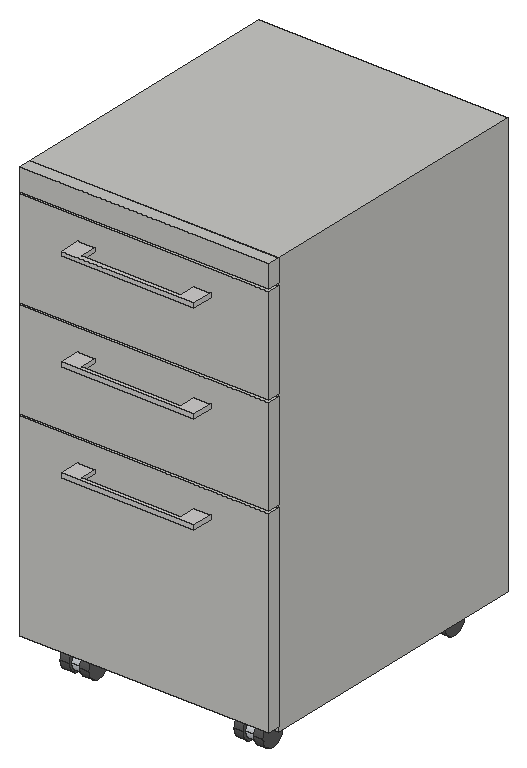
Revit family
Parameters (values of type "Box/Box/File")
  Warranty = "www.haworth.com/en-us/Products/Pages/Certifications.aspx"
  URL - Product = "www.haworth.com/en-us/Products/Furniture/Desks-Files-Storage/Files/Pages/X-Series-Storage.aspx"
  URL = "www.haworth.com"
  Tug = no
  Total Drawer Height = Actual Height - 1 3/4" - 1 1/2" - 1/8"  # 24 1/8"
  Taper Pull = no
  Sustainability Info = "www.haworth.com/en-us/About-Us/Sustainability/Pages/Vision.aspx"
  Size = "Verify Final Dim. w/ Haworth"  # constant formula
  Revision Number = "3"  # constant formula
  Radius Pull = no
  Pull Finish = Haworth - Metal - Satin Nickel
  Plynth Base = no
  Pencil Pencil Box File = no
  Pencil Box File = no
  Model = "Haworth_XSeries-Mobile_Pedestal"  # constant formula
  Min. Height = 21 1/2"  # constant formula
  Min. Depth = 17"  # constant formula
  Max. Depth = 29"  # constant formula
  Max. Height = 27 3/4"  # constant formula
  Manufacturer = "Haworth"  # constant formula
  Linear Pull = yes
  LEED Data = "www.haworth.com/_layouts/Haworth.ProductCatalog/Handlers/GetAsset.ashx/X-SeriesLEEDContribution.pdf?cid=208&rid=2297&type=Leed"
  J Pull = no
  Integral Pull = no
  File File = no
  Ellipse Pull = not(or(Taper Pull, Radius Pull, Linear Pull, Crescent Pull, Classic Pull, J Pull, Integral Pull))  # no
  Drawer Finish = Haworth - Paint - Metallic Champagne
  Drawer 4 Height = 2 7/8"  # constant formula
  Drawer 3 Offset = if(Pencil Pencil Box File, 3 1/8", 1/8")  # 1/8"
  Drawer 3 Height = if(Box Box File, 5 7/8", 2 7/8")  # 5 7/8"
  Drawer 2 Height = if(File File, Drawer 1 Height, 5 7/8")  # 5 7/8"
  Drawer 1 Height = 11 7/8"  # constant formula
  Description = "Haworth_XSeries-Mobile_Pedestal"
  Depth = 18"
  Custom Size = not(or(Depth = 17", Depth = 23", Depth = 29"))  # yes
  Cushion Finish = Haworth - Fabric - Tellure - Sky 3A-32
  Cushion = no
  Crescent Pull = no
  Classic Pull = no
  Casters = not(Plynth Base)  # yes
  Cabinet Finish = Haworth - Paint - Metallic Champagne
  Box File = not(or(Pencil Box File, Box Box File, Pencil Pencil Box File, File File))  # no
  Box Box File = yes
  Author = "SHAPE Environments, LLC"  # constant formula
  Assembly Code = "E2020200"
  Actual Width = 15"  # constant formula
  Actual Height = if(Box File, 21 1/2", if(Pencil Box File, 24 1/2", 27 1/2"))  # 27 1/2"
  Actual Depth = if(Depth < Min. Depth, Min. Depth, if(Depth > Max. Depth, Max. Depth, Depth))  # 18"
  4 Drawers = Pencil Pencil Box File  # no
  3 Drawers = or(Pencil Box File, Box Box File, Pencil Pencil Box File)  # yes
  2 Drawers = or(Box File, File File, Pencil Box File, Box Box File, Pencil Pencil Box File)  # yes
  Standard Depths = "17, 23, 29 in"  # constant formula
  Standard Heights = if(Box File, "21.5 in.", if(Pencil Box File, "24.5 in.", "27.5 in."))  # "27.5 in."
Types (5): name | Total Drawer Height | Pencil Pencil Box File | Pencil Box File | File File | Drawer 3 Offset | Drawer 3 Height | Drawer 2 Height | Depth | Custom Size | Box File | Box Box File | Actual Height | Actual Depth | 4 Drawers | 3 Drawers | Standard Heights
  Box/File | 18 1/8" | no | no | no | 1/8" | 2 7/8" | 5 7/8" | 18" | yes | yes | no | 21 1/2" | 18" | no | no | "21.5 in."
  Pencil/Box/File | 21 1/8" | no | yes | no | 1/8" | 2 7/8" | 5 7/8" | 18" | yes | no | no | 24 1/2" | 18" | no | yes | "24.5 in."
  Box/Box/File | 24 1/8" | no | no | no | 1/8" | 5 7/8" | 5 7/8" | 18" | yes | no | yes | 27 1/2" | 18" | no | yes | "27.5 in."
  Pencil/Pencil/Box/File | 24 1/8" | yes | no | no | 3 1/8" | 2 7/8" | 5 7/8" | 18" | yes | no | no | 27 1/2" | 18" | yes | yes | "27.5 in."
  File/File | 24 1/8" | no | no | yes | 1/8" | 2 7/8" | 11 7/8" | 17" | no | no | no | 27 1/2" | 17" | no | no | "27.5 in."
Reference planes (in)
  plane 1 "Back": y = 0
  plane 2: z = 0
  plane 3 "Center L/R": x = 0
  plane 4 "Left": x = -7.5
  plane 5 "Right": x = 7.5
  plane 6 "Front": y = -18
  plane 7 "Back of Drawers": y = -17.25
  plane 8 "Base of Cabinet": z = 1.875
  plane 9 "Top": z = 27.5
  plane 10 "Bottom of Keyed": z = 26.125
  plane 11 "Back Caster": y = -1.75
  plane 12 "Left Caster": x = -5.25
  plane 13 "Right Caster": x = 5.25
  plane 14 "Front Caster": y = -15.5
  plane 15 "Center F/B": y = -9
  plane 16: y = -38.00051
  plane 17: through (-0.0519, -38.00051, -82.54467) normal (0, 0.4384, -0.8988)
  plane 18: y = -37.75051
  plane 19 "Tug Location": z = 26.8125
Forms (in)
  Extrusion 1, solid, material "Haworth - Paint - Metallic Champagne" <- "Cabinet Finish"
    sketch origin (0, 0, 0) x (1, 0, 0) y (0, 1, 0)
      loop
        line (-7.5, 0) -> (-7.5, -17.25) -> (7.5, -17.25) -> (7.5, 0) -> (-7.5, 0)
    from 1.875 to 27.5
  Extrusion 2, solid, material "Haworth - Paint - Metallic Champagne" <- "Drawer Finish"
    sketch origin (0, 0, 0) x (1, 0, 0) y (0, 1, 0)
      loop
        line (-7.5, -18) -> (7.5, -18) -> (7.5, -17.25) -> (-7.5, -17.25) -> (-7.5, -18)
    from 26.125 to 27.5
  Extrusion 3, solid, material "Haworth - Paint - Metallic Champagne" <- "Cabinet Finish", visible <- "Plynth Base"
    sketch origin (0, 0, 0) x (1, 0, 0) y (0, 1, 0)
      loop
        line (-7.5, 0) -> (-7.5, -17.25) -> (7.5, -17.25) -> (7.5, 0) -> (-7.5, 0)
    from 0 to 1.875
Lines and regions (in)
  Masking region 1
    outline origin (0, 0, 27.5) x (-1, 0, 0) y (0, -1, 0)
      loop
        line (7.5, 0) -> (7.5, 18) -> (-7.5, 18) -> (-7.5, 0) -> (7.5, 0)
Dimensions and locks (in)
  equal spacing: plane 4 "Left", plane 3 "Center L/R", plane 5 "Right"
  "Actual Width": plane 4 "Left" to plane 5 "Right"
  "Actual Depth": plane 1 "Back" to plane 6 "Front"
  locked: plane 7 "Back of Drawers" to plane 6 "Front" at 0.75
  locked: plane 8 "Base of Cabinet" to level at 1.875
  "Actual Height": plane 9 "Top" to level
  locked: plane 9 "Top" to plane 10 "Bottom of Keyed" at 1.375
  locked: plane 1 "Back" to plane 11 "Back Caster" at 1.75
  locked: plane 4 "Left" to plane 12 "Left Caster" at 2.25
  locked: plane 13 "Right Caster" to plane 5 "Right" at 2.25
  locked: plane 14 "Front Caster" to plane 7 "Back of Drawers" at 1.75
  equal spacing: plane 1 "Back", plane 15 "Center F/B", plane 6 "Front"
  equal spacing: plane 9 "Top", plane 19 "Tug Location", plane 10 "Bottom of Keyed"
  locked: nested 10 to nested 7 at 0.125
  locked: nested 7 to plane 8 "Base of Cabinet" at 0.25
  locked: plane 10 "Bottom of Keyed" to nested 8 at 0.125
  "Drawer 3 Offset": plane 10 "Bottom of Keyed" to nested 9
  aligned and locked: plane 4 "Left" to Extrusion 1 sketch curve
  aligned and locked: plane 1 "Back" to Extrusion 1 sketch curve
  aligned and locked: plane 7 "Back of Drawers" to Extrusion 1 sketch curve
  aligned and locked: plane 5 "Right" to Extrusion 1 sketch curve
  aligned and locked: plane 9 "Top" to Extrusion 1
  aligned and locked: Extrusion 1 to plane 8 "Base of Cabinet"
  aligned and locked: plane 4 "Left" to Extrusion 2 sketch curve
  aligned and locked: Extrusion 2 sketch curve to plane 6 "Front"
  aligned and locked: Extrusion 2 sketch curve to plane 5 "Right"
  aligned and locked: plane 7 "Back of Drawers" to Extrusion 2 sketch curve
  aligned and locked: plane 9 "Top" to Extrusion 2
  aligned and locked: Extrusion 2 to plane 10 "Bottom of Keyed"
  aligned and locked: plane 12 "Left Caster" to nested 1
  aligned and locked: nested 1 to plane 11 "Back Caster"
  aligned and locked: nested 2 to plane 13 "Right Caster"
  aligned and locked: plane 14 "Front Caster" to nested 4
  aligned and locked: plane 12 "Left Caster" to nested 3
  aligned and locked: nested 3 to plane 14 "Front Caster"
  aligned and locked: nested 4 to plane 13 "Right Caster"
  aligned and locked: plane 11 "Back Caster" to nested 2
  aligned: plane 3 "Center L/R" to nested 5
  aligned: nested 5 to plane 15 "Center F/B"
  aligned and locked: plane 3 "Center L/R" to nested 5
  aligned and locked: plane 15 "Center F/B" to nested 5
  aligned and locked: nested 5 to plane 9 "Top"
  aligned and locked: plane 5 "Right" to Extrusion 3 sketch curve
  aligned and locked: plane 7 "Back of Drawers" to Extrusion 3 sketch curve
  aligned and locked: plane 4 "Left" to Extrusion 3 sketch curve
  aligned and locked: plane 1 "Back" to Extrusion 3 sketch curve
  aligned and locked: plane 8 "Base of Cabinet" to Extrusion 3
  aligned and locked: plane 3 "Center L/R" to nested 6
  aligned and locked: nested 6 to plane 6 "Front"
  aligned and locked: plane 19 "Tug Location" to nested 6
  aligned and locked: plane 3 "Center L/R" to nested 7
  aligned: plane 8 "Base of Cabinet" to nested 7
  aligned and locked: nested 7 to plane 7 "Back of Drawers"
  aligned: plane 10 "Bottom of Keyed" to nested 8
  aligned and locked: nested 10 to plane 7 "Back of Drawers"
  aligned and locked: nested 9 to plane 7 "Back of Drawers"
  aligned and locked: nested 8 to plane 7 "Back of Drawers"
  aligned and locked: nested 5 to Masking region 1 sketch curve
  aligned and locked: Masking region 1 sketch curve to Extrusion 1
  aligned and locked: Extrusion 2 to Masking region 1 sketch curve
  aligned and locked: Masking region 1 sketch curve to nested 5
Nested families (in)
  nested 1: "Haworth_Caster" at (-5.25, -1.75, 0), visible <- "Casters", type "Caster"
  nested 2: "Haworth_Caster" at (5.25, -1.75, 0) x (-1, 0, 0) z (0, 0, 1), visible <- "Casters", type "Caster"
  nested 3: "Haworth_Caster" at (-5.25, -15.5, 0), visible <- "Casters", type "Caster"
  nested 4: "Haworth_Caster" at (5.25, -15.5, 0) x (-1, 0, 0) z (0, 0, 1), visible <- "Casters", type "Caster"
  nested 5: "Haworth_Cushion" at (0, -9, -3.5), visible <- "Cushion", type "Haworth_Cushion"
    with Actual Width 15", Actual Depth 18"
  nested 6: "Haworth Tug" at (0, -18, 26.8125), visible <- "Tug", type "Haworth Tug"
  nested 7: "Haworth_Drawer" at (0, -17.25, 2.125), Drawer Height <- "Drawer 1 Height", type "Haworth_Drawer"
    with J Pull Drawer no, Drawer Height 11 7/8", Pull Linear yes, Pull Height 1 7/16", Pull Ellipse no, Drawer Width 15"
  nested 8: "Haworth_Drawer" at (0, -17.25, 23.125), Drawer Height <- "Drawer 4 Height", visible <- "4 Drawers", type "Haworth_Drawer"
    with J Pull Drawer no, Drawer Height 2 7/8", Pull Linear yes, Pull Height 1 7/16", Pull Ellipse no, Drawer Width 15"
  nested 9: "Haworth_Drawer" at (0, -17.25, 20.125), Drawer Height <- "Drawer 3 Height", visible <- "3 Drawers", type "Haworth_Drawer"
    with J Pull Drawer no, Drawer Height 5 7/8", Pull Linear yes, Pull Height 1 7/16", Pull Ellipse no, Drawer Width 15"
  nested 10: "Haworth_Drawer" at (0, -17.25, 14.125), Drawer Height <- "Drawer 2 Height", visible <- "2 Drawers", type "Haworth_Drawer"
    with J Pull Drawer no, Drawer Height 5 7/8", Pull Linear yes, Pull Height 1 7/16", Pull Ellipse no, Drawer Width 15"
Definition of nested family "Haworth_Caster"
  Parameters (values of type "Caster")
    Radius = 23/32"
    Height = 1 7/8"
    Center Radius = Radius - 1/8"  # 19/32"
    Assembly Code = ""
  Reference planes (in)
    plane 1 "Center (Front/Back)": y = 0
    plane 2: z = 0
    plane 3 "Center (Left/Right)": x = 0
  Forms (in)
    Extrusion 1, solid, material "Haworth - Plastic - Black"
      sketch origin (0, 0, -0.02118) x (0, 1, 0) y (0, 0, 1)
        loop
          circle (-0.48695, 0.73993) r 0.71875
      from 0.875 to 0.3125
    Extrusion 2, solid, material "Haworth - Plastic - Black"
      sketch origin (0, 0, -0.02118) x (0, 1, 0) y (0, 0, 1)
        loop
          circle (-0.48695, 0.73993) r 0.71875
      from -0.875 to -0.3125
    Extrusion 3, solid
      sketch origin (0, 0, 0) x (0, 1, 0) y (0, 0, 1)
        loop
          circle (-0.48695, 0.71875) r 0.59375
      from -0.3125 to 0.3125
    Extrusion 4, solid
      sketch origin (0, 0, 0) x (1, 0, 0) y (0, 1, 0)
        loop
          circle (0, 0) r 0.25
      from 0.71875 to 1.875
  Cuts and joins
    joined: Extrusion 3, Extrusion 4
  Dimensions and locks (in)
    plane 3 "Center (Left/Right)" to Extrusion 2 = 5/16"
    Extrusion 1 to plane 3 "Center (Left/Right)" = 7/8"
    "Height": cut or joined group of Extrusion 3, Extrusion 4 to level
    "Radius": Extrusion 1 sketch curve to level
    "Radius": Extrusion 2 sketch curve to level
    "Radius": Extrusion 3 sketch curve to level
    "Radius": cut or joined group of Extrusion 3, Extrusion 4 to level
    "Radius": radius of Extrusion 2 sketch curve
    "Radius": radius of Extrusion 1 sketch curve
    "Center Radius": radius of Extrusion 3 sketch curve
  Automatic sketch dimensions
    plane 1 "Center (Front/Back)" to Extrusion 1 sketch curve = 0.48695"
    plane 1 "Center (Front/Back)" to Extrusion 2 sketch curve = 0.48695"
    plane 1 "Center (Front/Back)" to Extrusion 3 sketch curve = 0.48695"
    plane 1 "Center (Front/Back)" to Extrusion 4 sketch curve = 0"
    Extrusion 4 sketch curve to plane 3 "Center (Left/Right)" = 0"
    radius of Extrusion 4 sketch curve = 1/4"
Definition of nested family "Haworth_Cushion"
  Parameters (values of type "Cushion")
    Warranty = ""
    URL - Product = ""
    URL = "www.haworth.com"
    Cushion Thickness = 3/4"
    Sustainability Info = ""
    Size = "Verify Final Dim. w/ Haworth"  # constant formula
    Revision Number = "1"  # constant formula
    OmniClass Number = "23.40.70.14"  # constant formula
    Mounting Offset [instance] = 31"
    Min/Max Width = "30 or 36 in."  # constant formula
    Min/Max Depth = "18 or 24 in."  # constant formula
    Material Options = ""
    Manufacturer = "Haworth"  # constant formula
    LEED Data = ""
    Storage Top Finish = none
    Author = "SHAPE Environments, LLC"  # constant formula
    Assembly Code = "E2020200"
    Actual Width = 14 3/4"
    Actual Depth = 21 3/4"
  Reference planes (in)
    plane 1 "Storage Top Center F/B": y = 0
    plane 2: z = 0
    plane 3 "Storage Top Center L/R": x = 0
    plane 4 "Left": x = -7.375
    plane 5 "Back": y = 10.875
    plane 6 "Front": y = -10.875
    plane 7 "Right": x = 7.375
    plane 8 "Top": z = 31.75
    plane 9 "Bottom": z = 31
  Forms (in)
    Extrusion 1, solid, material <- "Storage Top Finish"
      sketch origin (-36.03948, -180, 31) x (-1, 0, 0) y (0, -1, 0)
        loop
          arc (-29.16448, -190.875) -> (-28.81093, -190.72855) -> (-28.66448, -190.375) r 0.5
          line (-28.66448, -190.375) -> (-28.66448, -169.625)
          arc (-28.66448, -169.625) -> (-28.81093, -169.27145) -> (-29.16448, -169.125) r 0.5
          line (-29.16448, -169.125) -> (-42.91448, -169.125)
          arc (-42.91448, -169.125) -> (-43.26804, -169.27145) -> (-43.41448, -169.625) r 0.5
          line (-43.41448, -169.625) -> (-43.41448, -190.375)
          arc (-43.41448, -190.375) -> (-43.26804, -190.72855) -> (-42.91448, -190.875) r 0.5
          line (-42.91448, -190.875) -> (-29.16448, -190.875)
      from 0 to 0.75
  Dimensions and locks (in)
    equal spacing: plane 5 "Back", plane 1 "Storage Top Center F/B", plane 6 "Front"
    "Actual Depth": plane 5 "Back" to plane 6 "Front"
    equal spacing: plane 4 "Left", plane 3 "Storage Top Center L/R", plane 7 "Right"
    "Actual Width": plane 4 "Left" to plane 7 "Right"
    "Mounting Offset": plane 9 "Bottom" to level
    "Cushion Thickness": plane 8 "Top" to plane 9 "Bottom"
    aligned and locked: plane 5 "Back" to Extrusion 1 sketch curve
    aligned and locked: plane 7 "Right" to Extrusion 1 sketch curve
    aligned and locked: plane 6 "Front" to Extrusion 1 sketch curve
    aligned and locked: plane 4 "Left" to Extrusion 1 sketch curve
    aligned and locked: plane 8 "Top" to Extrusion 1
    aligned and locked: Extrusion 1 to plane 5 "Back"
    aligned and locked: Extrusion 1 to plane 9 "Bottom"
  Automatic sketch dimensions
    plane 7 "Right" to Extrusion 1 sketch curve = 1/2"  (x2)
    plane 4 "Left" to Extrusion 1 sketch curve = 1/2"  (x2)
Definition of nested family "Haworth Tug"
  Parameters (values of type "Haworth Tug")
    Tug Material = none
  Reference planes (in)
    plane 1 "Center (Front/Back)": y = 0
    plane 2: z = 0
    plane 3 "Center (Left/Right)": x = 0
  Forms (in)
    Sweep 1, solid, material <- "Tug Material"
      path in 3D
        loop
          line (4, 0, 0) -> (4, -0.625, 0) -> (4, -1.75, 1.13089) -> (-4, -1.75, 1.13089) -> (-4, -0.625, 0) -> (-4, 0, 0)
      profile origin (-4, -0.3125, 0) x (-1, 0, 0) y (0, 0, 1)
        loop
          circle (0, 0) r 0.1875
  Lines and regions (in)
    sketch lines
      curve 1: line (-4, -0.625, 0) -> (-4, 0, 0)
      curve 2: line (-4, -1.75, 1.13089) -> (-4, -0.625, 0)
      curve 3: line (-4, -1.75, 1.13089) -> (4, -1.75, 1.13089)
      curve 4: line (4, -0.625, 0) -> (4, -1.75, 1.13089)
      curve 5: line (4, 0, 0) -> (4, -0.625, 0)
Definition of nested family "Haworth_Drawer"
  Parameters (values of type "Haworth_Drawer")
    Pull Taper = no
    Pull Radius = no
    Pull Patterns = no
    Pull Linear = no
    Pull Height = if(Pull Ellipse, 11/64", if(Pull Radius, 1 3/16", if(Pull Taper, 3/4", 1 7/16")))  # 11/64"
    Pull Finish = none
    Pull Ellipse = yes
    Pull Crescent = no
    Pull Classic = no
    J Pull Drawer [instance] = J Pull  # no
    J Pull = no
    Integral Pull Location = if(Integral Pull, 3 5/8", 1")  # 1"
    Integral Pull = no
    Front Finish = none
    Drawer Width = 14 7/8"
    Flush Drawer = not(J Pull)  # yes
    Drawer Height [instance] = 12"
    Drawer Finish = none
    Assembly Code = ""
  Reference planes (in)
    plane 1 "Drawer Back": y = 0
    plane 2: z = 0
    plane 3 "Center L/R": x = 0
    plane 4 "Drawer Front": y = -0.75
    plane 5 "Left": x = -7.4375
    plane 6 "Right": x = 7.4375
    plane 7 "Top": z = 12
    plane 8: y = -4
    plane 9: y = -3
    plane 10 "Integral Top": z = 11.54688
    plane 11 "Pull Location": z = 11.82813
    plane 12 "Integral Bottom": z = 12.10937
  Forms (in)
    Extrusion 1, solid, material <- "Drawer Finish", visible <- "J Pull Drawer"
      sketch origin (-7.4375, 0, 0) x (0, 1, 0) y (0, 0, 1)
        loop
          line (0, 12) -> (-0.25, 12) -> (-0.25, 11.4375) -> (-0.75, 11.4375) -> (-0.75, 0) -> (0, 0) -> (0, 12)
      from 0 to 14.875
    Extrusion 2, solid, material <- "Drawer Finish", visible <- "Flush Drawer"
      sketch origin (-7.4375, 0, 2.25) x (0, 1, 0) y (0, 0, 1)
        loop
          line (0, 9.75) -> (-0.75, 9.75) -> (-0.75, -2.25) -> (0, -2.25) -> (0, 9.75)
      from 0 to 14.875
    Extrusion 3, void
      sketch origin (0, -0.75, 0) x (-1, 0, 0) y (0, 0, 1)
        loop
          line (4, 11.54688) -> (4, 12.10937) -> (-4, 12.10937) -> (-4, 11.54688) -> (4, 11.54688)
      from -3.25 to -2.25
  Cuts and joins
    Extrusion 3 cuts Extrusion 1
    Extrusion 3 cuts Extrusion 2
  Dimensions and locks (in)
    equal spacing: plane 5 "Left", plane 3 "Center L/R", plane 6 "Right"
    "Drawer Width": plane 5 "Left" to plane 6 "Right"
    locked: plane 1 "Drawer Back" to plane 4 "Drawer Front" at 0.75
    "Drawer Height": plane 7 "Top" to level
    locked: plane 8 to plane 1 "Drawer Back" at 4
    "Integral Pull Location": plane 8 to plane 9
    equal spacing: Extrusion 3 sketch curve, plane 3 "Center L/R", Extrusion 3 sketch curve
    locked: Extrusion 3 sketch curve to Extrusion 3 sketch curve at 8
    "Pull Height": plane 7 "Top" to plane 11 "Pull Location"
    equal spacing: plane 12 "Integral Bottom", plane 11 "Pull Location", plane 10 "Integral Top"
    locked: plane 12 "Integral Bottom" to plane 10 "Integral Top" at 0.5625
    aligned and locked: Extrusion 1 sketch curve to plane 1 "Drawer Back"
    aligned and locked: Extrusion 1 sketch curve to plane 2
    aligned and locked: Extrusion 1 sketch curve to plane 4 "Drawer Front"
    aligned and locked: Extrusion 1 to plane 6 "Right"
    aligned and locked: Extrusion 2 to plane 6 "Right"
    aligned and locked: plane 1 "Drawer Back" to Extrusion 2 sketch curve
    aligned and locked: plane 7 "Top" to Extrusion 2 sketch curve
    aligned and locked: level to Extrusion 2 sketch curve
    aligned and locked: Extrusion 2 sketch curve to plane 4 "Drawer Front"
    aligned: plane 7 "Top" to nested 1
    aligned: Extrusion 3 to plane 8
    aligned: plane 9 to Extrusion 3
    aligned and locked: nested 1 to plane 4 "Drawer Front"
    aligned and locked: plane 12 "Integral Bottom" to Extrusion 3 sketch curve
    aligned and locked: nested 1 to plane 11 "Pull Location"
    aligned and locked: plane 3 "Center L/R" to nested 1
    aligned and locked: plane 9 to Extrusion 3
  Automatic sketch dimensions
    Extrusion 1 sketch curve to plane 7 "Top" = 0"
    plane 1 "Drawer Back" to Extrusion 1 sketch curve = 1/4"
    Extrusion 1 sketch curve to Extrusion 1 sketch curve = 9/16"
    Extrusion 3 sketch curve to plane 10 "Integral Top" = 0"
  Nested families (in)
    nested 1: "Haworth_Drawer-Pulls" at (0, -0.75, 11.82813), type "Pull", detail levels medium+fine
      with Linear no, Ellipse yes
  Definition of nested family "Haworth_Drawer-Pulls"
    Parameters (values of type "Pull")
      Taper = no
      Radius = no
      Patterns = no
      Linear = yes
      Handle Finish = none
      Ellipse = no
      Cresent = no
      Classic = no
      Assembly Code = ""
    Reference planes (in)
      plane 1 "Center Front/Back": y = 0
      plane 2: z = 0
      plane 3 "Center Left/Right": x = 0
    Forms (in)
      Extrusion 1, solid, material <- "Handle Finish", visible <- "Ellipse"
        sketch origin (0, 0, 0.15915) x (0, 1, 0) y (0, 0, 1)
          loop
            arc (-0.03015, 0) -> (-0.26713, -0.02983) -> (-0.49038, -0.11475) r 1.00501
            arc (-0.49038, -0.11475) -> (-0.65216, -0.22112) -> (-0.78985, -0.35725) r 0.97894
            arc (-0.78985, -0.35725) -> (-0.87314, -0.47263) -> (-0.94033, -0.59807) r 1.0667
            arc (-0.94033, -0.59807) -> (-0.90977, -0.66145) -> (-0.84562, -0.63254) r 0.05041
            arc (-0.84562, -0.63254) -> (-0.67669, -0.39049) -> (-0.44702, -0.20509) r 1.04885
            arc (-0.44702, -0.20509) -> (-0.35012, -0.16094) -> (-0.24858, -0.12892) r 0.8735
            arc (-0.24858, -0.12892) -> (-0.16053, -0.15188) -> (-0.11419, -0.23018) r 0.11948
            arc (-0.11419, -0.23018) -> (-0.0664, -0.27738) -> (0, -0.26729) r 0.07488
            line (0, -0.26729) -> (0, -0.05102) -> (-0.03015, 0)
        from -6.51863 to 6.51698
      Extrusion 2, void
        sketch origin (0, 0, 0.15915) x (1, 0, 0) y (0, 1, 0)
          loop
            line (-6.49996, 0) -> (-6.67266, 0) -> (-6.67266, -1.11616) -> (6.67266, -1.11616) -> (6.67266, 0) -> (6.49996, 0)
            arc (6.49996, 0) -> (6.46575, -0.17809) -> (6.37201, -0.33332) r 0.51574
            arc (6.37201, -0.33332) -> (6.23583, -0.44508) -> (6.07096, -0.50713) r 0.54076
            arc (6.07096, -0.50713) -> (4.5721, -0.7479) -> (3.05951, -0.87689) r 20.46435
            arc (3.05951, -0.87689) -> (0, -0.95029) -> (-3.05951, -0.87689) r 63.79827
            arc (-3.05951, -0.87689) -> (-4.5721, -0.7479) -> (-6.07096, -0.50713) r 20.46435
            arc (-6.07096, -0.50713) -> (-6.23583, -0.44508) -> (-6.37201, -0.33332) r 0.54076
            arc (-6.37201, -0.33332) -> (-6.46575, -0.17809) -> (-6.49996, 0) r 0.51574
        from 0 to -0.90865
      Blend 3, solid, material <- "Handle Finish", visible <- "Radius"
        base sketch origin (0, 0, 0.3125) x (0, 1, 0) y (0, 0, -1)
          loop
            line (0, 0) -> (0, 0.625) -> (-0.40339, 0.625)
            arc (-0.40339, 0.625) -> (-0.71589, 0.3125) -> (-0.40339, 0) r 0.3125
            line (-0.40339, 0) -> (0, 0)
        top sketch origin (0, 0, 0.3125) x (0, 1, 0) y (0, 0, -1)
          loop
            line (0, 0) -> (0, 0.625) -> (-0.77884, 0.625)
            arc (-0.77884, 0.625) -> (-1.09134, 0.3125) -> (-0.77884, 0) r 0.3125
            line (-0.77884, 0) -> (0, 0)
        from -4.875 to -3.625
      Sweep 4, solid, material <- "Handle Finish", visible <- "Radius"
        path origin (0, 0, 0) x (1, 0, 0) y (0, 1, 0)
          loop
            arc (-4.875, -0.71589) -> (0, -1.5425) -> (4.875, -0.71589) r 14.78881
        profile origin (0, -1.5425, 0) x (0, 1, 0) y (0, 0, 1)
          loop
            circle (0.3125, 0) r 0.30469
      Extrusion 5, solid, material <- "Handle Finish", visible <- "Taper"
        sketch origin (0, 0, 0.27281) x (0, 1, 0) y (0, 0, 1)
          loop
            line (0, 0) -> (-0.875, 0)
            arc (-0.875, 0) -> (-0.96339, -0.03661) -> (-1, -0.125) r 0.125
            line (-1, -0.125) -> (-1, -0.7) -> (-0.96886, -0.7) -> (-0.96886, -0.1251)
            arc (-0.96886, -0.1251) -> (-0.94137, -0.05874) -> (-0.875, -0.03125) r 0.09386
            line (-0.875, -0.03125) -> (-0.03125, -0.03125) -> (-0.03125, -0.53) -> (0, -0.53) -> (0, 0)
        from -6.5565 to 6.5565
      Extrusion 6, void
        sketch origin (0, 0, 0.27281) x (1, 0, 0) y (0, 0, 1)
          loop
            arc (-5.23353, -0.7191) -> (-5.99714, -0.52453) -> (-6.57454, 0.01172) r 1.59575
            line (-6.57454, 0.01172) -> (-6.85981, 0.01172) -> (-6.85981, -1) -> (6.85981, -1) -> (6.85981, 0.01172) -> (6.57454, 0.01172)
            arc (6.57454, 0.01172) -> (5.99714, -0.52453) -> (5.23353, -0.7191) r 1.59575
            line (5.23353, -0.7191) -> (-5.23353, -0.7191)
        from 0 to 2.20115
      Sweep 7, solid, material <- "Handle Finish", visible <- "Cresent"
        path origin (0, 0, 0.125) x (1, 0, 0) y (0, 1, 0)
          loop
            arc (-3.80272, 0.04) -> (0, -1.24998) -> (3.80273, 0.04) r 6.25
        profile origin (0, -1.24998, 0.125) x (0, 1, 0) y (0, 0, 1)
          loop
            circle (0.125, -0.125) r 0.125
      Extrusion 8, void
        sketch origin (0, 0, 0.125) x (1, 0, 0) y (0, 1, 0)
          loop
            line (-3.94545, 0) -> (3.94399, 0) -> (3.94399, 0.32073) -> (-3.94545, 0.32073) -> (-3.94545, 0)
        from 0.03472 to -0.28458
      Extrusion 9, solid, material <- "Handle Finish", visible <- "Linear"
        sketch origin (0, 0, 0.125) x (1, 0, 0) y (0, 1, 0)
          loop
            line (-4, 0) -> (-4, -1.25) -> (4, -1.25) -> (4, 0) -> (3, 0) -> (3, -1) -> (-3, -1) -> (-3, 0) -> (-4, 0)
        from 0 to -0.25
      Extrusion 10, solid, material <- "Handle Finish", visible <- "Classic"
        sketch origin (0, 0, 0.375) x (1, 0, 0) y (0, 0, 1)
          loop
            line (-3.375, 0) -> (-3.375, -0.75)
            arc (-3.375, -0.75) -> (-3, -0.375) -> (-3.375, 0) r 0.375
        from 0 to 1
      Extrusion 11, solid, material <- "Handle Finish", visible <- "Classic"
        sketch origin (0, 0, 0.375) x (-1, 0, 0) y (0, 0, -1)
          loop
            arc (-3.375, 0) -> (-3, 0.375) -> (-3.375, 0.75) r 0.375
            line (-3.375, 0.75) -> (-3.375, 0)
        from 0 to 1
      Extrusion 12, solid, material <- "Handle Finish", visible <- "Classic"
        sketch origin (0, 0, 0.375) x (1, 0, 0) y (0, 0, 1)
          loop
            line (-3.375, 0) -> (-3.375, -0.75) -> (3.375, -0.75) -> (3.375, 0) -> (-3.375, 0)
        from 1 to 1.25
      Blend 13, solid, material <- "Handle Finish", visible <- "Radius"
        base sketch origin (0, 0, 0.3125) x (0, 1, 0) y (0, 0, 1)
          loop
            line (0, 0) -> (-0.40339, 0)
            arc (-0.40339, 0) -> (-0.71589, -0.3125) -> (-0.40339, -0.625) r 0.3125
            line (-0.40339, -0.625) -> (0, -0.625) -> (0, 0)
        top sketch origin (0, 0, 0.3125) x (0, 1, 0) y (0, 0, 1)
          loop
            line (0, 0) -> (-0.77884, 0)
            arc (-0.77884, 0) -> (-1.09134, -0.3125) -> (-0.77884, -0.625) r 0.3125
            line (-0.77884, -0.625) -> (0, -0.625) -> (0, 0)
        from -4.875 to -3.625
      Extrusion 14, solid, material <- "Handle Finish", visible <- "Patterns"
        sketch origin (0, 0, 0.27281) x (0, 1, 0) y (0, 0, 1)
          loop
            line (0, 0) -> (-0.875, 0)
            arc (-0.875, 0) -> (-0.96339, -0.03661) -> (-1, -0.125) r 0.125
            line (-1, -0.125) -> (-1, -0.7) -> (-0.96886, -0.7) -> (-0.96886, -0.1251)
            arc (-0.96886, -0.1251) -> (-0.94137, -0.05874) -> (-0.875, -0.03125) r 0.09386
            line (-0.875, -0.03125) -> (-0.03125, -0.03125) -> (-0.03125, -0.53) -> (0, -0.53) -> (0, 0)
        from -4 to 4
    Cuts and joins
      Extrusion 2 cuts Extrusion 1
      joined: Extrusion 10, Extrusion 11, Extrusion 12
      Extrusion 6 cuts Extrusion 5
      Extrusion 8 cuts Sweep 7
      joined: Blend 3, Sweep 4, Blend 13
